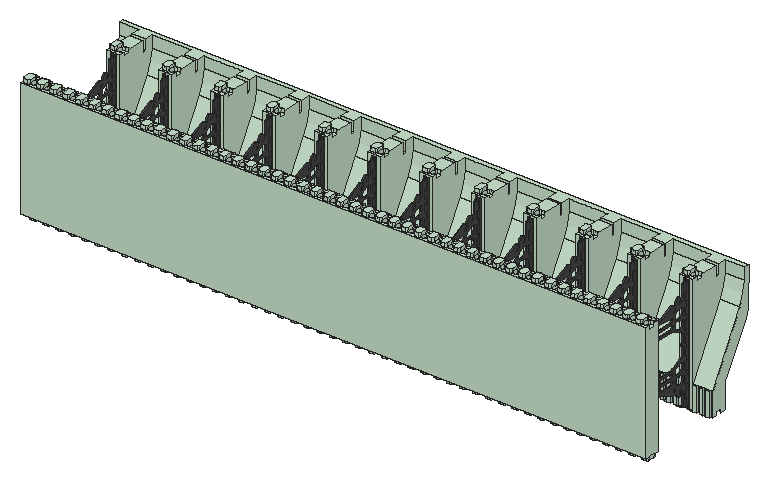
Revit family (continued)
Definition of nested family "NUDURA Diamond Pattern"
  Lines and regions (in)
    model lines
      curve 188: arc (4.29059, -5.625, 6.14142) -> (4.23201, -5.625, 6) -> (4.29059, -5.625, 5.85858) r 0.2
      curve 189: arc (4.29059, -5.625, 7.64142) -> (4.23201, -5.625, 7.5) -> (4.29059, -5.625, 7.35858) r 0.2
      curve 190: arc (4.29059, -5.625, 9.14142) -> (4.23201, -5.625, 9) -> (4.29059, -5.625, 8.85858) r 0.2
      curve 191: arc (4.29059, -5.625, 10.64142) -> (4.23201, -5.625, 10.5) -> (4.29059, -5.625, 10.35858) r 0.2
      curve 192: arc (4.29059, -5.625, 12.14142) -> (4.23201, -5.625, 12) -> (4.29059, -5.625, 11.85858) r 0.2
      curve 193: arc (4.29059, -5.625, 13.64142) -> (4.23201, -5.625, 13.5) -> (4.29059, -5.625, 13.35858) r 0.2
      curve 194: arc (4.29059, -5.625, 15.14142) -> (4.23201, -5.625, 15) -> (4.29059, -5.625, 14.85858) r 0.2
      curve 195: arc (4.29059, -5.625, 16.64142) -> (4.23201, -5.625, 16.5) -> (4.29059, -5.625, 16.35858) r 0.2
Definition of nested family "NUDURA Logo Diamond"
  Reference planes (in)
    plane 1 "Center (Front/Back)": y = 0
    plane 2: z = 0
    plane 3 "Center (Left/Right)": x = 0
  Lines and regions (in)
    model lines
      curve 1: line (12.59848, 0, 17.50104) -> (12.24492, 0, 17.85459)
      curve 2: line (12.36113, 0, 16.76872) -> (12.59848, 0, 17.00607)
      curve 3: line (12.59848, 0, 16.00104) -> (12.36113, 0, 16.23839)
      curve 4: line (12.36113, 0, 15.26872) -> (12.59848, 0, 15.50607)
      curve 5: line (12.59848, 0, 14.50104) -> (12.36113, 0, 14.73839)
      curve 6: line (12.36113, 0, 13.76872) -> (12.59848, 0, 14.00607)
      curve 7: line (12.17421, 0, 13.28388) -> (12.71208, 0, 12.74602)
      curve 8: line (12.71208, 0, 12.74602) -> (12.78279, 0, 12.81673)
      curve 9: line (11.28279, 0, 12.74602) -> (11.82066, 0, 13.28388)
      curve 10: line (11.63374, 0, 13.23839) -> (11.21208, 0, 12.81673)
      curve 11: line (11.3964, 0, 14.00607) -> (11.63374, 0, 13.76872)
      curve 12: line (11.63374, 0, 14.73839) -> (11.3964, 0, 14.50104)
      curve 13: line (11.3964, 0, 15.50607) -> (11.63374, 0, 15.26872)
      curve 14: line (11.63374, 0, 16.23839) -> (11.3964, 0, 16.00104)
      curve 15: line (11.3964, 0, 17.00607) -> (11.63374, 0, 16.76872)
      curve 16: line (11.74995, 0, 17.85459) -> (11.3964, 0, 17.50104)
      curve 17: line (11.82066, 0, 17.78388) -> (11.46711, 0, 17.43033)
      curve 18: line (12.52777, 0, 17.43033) -> (12.17421, 0, 17.78388)
      curve 19: line (12.17421, 0, 16.72322) -> (12.52777, 0, 17.07678)
      curve 20: line (11.46711, 0, 17.07678) -> (11.82066, 0, 16.72322)
      curve 21: arc (11.3964, 0, 17.50104) -> (11.29388, 0, 17.25355) -> (11.3964, 0, 17.00607) r 0.35
      curve 22: arc (11.74995, 0, 17.85459) -> (11.99744, 0, 17.95711) -> (12.24492, 0, 17.85459) r 0.35
      curve 23: arc (11.46711, 0, 17.43033) -> (11.39388, 0, 17.25355) -> (11.46711, 0, 17.07678) r 0.25
      curve 24: arc (12.52777, 0, 17.43033) -> (12.60099, 0, 17.25355) -> (12.52777, 0, 17.07678) r 0.25
      curve 25: arc (12.17421, 0, 16.72322) -> (11.99744, 0, 16.65) -> (11.82066, 0, 16.72322) r 0.25
      curve 26: arc (11.82066, 0, 17.78388) -> (11.99744, 0, 17.85711) -> (12.17421, 0, 17.78388) r 0.25
      curve 27: arc (12.59848, 0, 17.50104) -> (12.70099, 0, 17.25355) -> (12.59848, 0, 17.00607) r 0.35
      curve 28: arc (11.63374, 0, 16.76872) -> (11.74358, 0, 16.50355) -> (11.63374, 0, 16.23839) r 0.375
      curve 29: arc (12.36113, 0, 16.76872) -> (12.2513, 0, 16.50355) -> (12.36113, 0, 16.23839) r 0.375
      curve 30: line (12.36113, 0, 15.26872) -> (12.59848, 0, 15.50607)
      curve 31: line (11.3964, 0, 15.50607) -> (11.63374, 0, 15.26872)
      curve 32: line (11.82066, 0, 16.28388) -> (11.46711, 0, 15.93033)
      curve 33: line (12.52777, 0, 15.93033) -> (12.17421, 0, 16.28388)
      curve 34: line (12.17421, 0, 15.22322) -> (12.52777, 0, 15.57678)
      curve 35: line (11.46711, 0, 15.57678) -> (11.82066, 0, 15.22322)
      curve 36: arc (11.3964, 0, 16.00104) -> (11.29388, 0, 15.75355) -> (11.3964, 0, 15.50607) r 0.35
      curve 37: arc (11.46711, 0, 15.93033) -> (11.39388, 0, 15.75355) -> (11.46711, 0, 15.57678) r 0.25
      curve 38: arc (12.52777, 0, 15.93033) -> (12.60099, 0, 15.75355) -> (12.52777, 0, 15.57678) r 0.25
      curve 39: arc (12.17421, 0, 15.22322) -> (11.99744, 0, 15.15) -> (11.82066, 0, 15.22322) r 0.25
      curve 40: arc (11.82066, 0, 16.28388) -> (11.99744, 0, 16.35711) -> (12.17421, 0, 16.28388) r 0.25
      curve 41: arc (12.59848, 0, 16.00104) -> (12.70099, 0, 15.75355) -> (12.59848, 0, 15.50607) r 0.35
      curve 42: line (11.63374, 0, 16.23839) -> (11.3964, 0, 16.00104)
      curve 43: line (12.59848, 0, 16.00104) -> (12.36113, 0, 16.23839)
      curve 44: arc (11.63374, 0, 15.26872) -> (11.74358, 0, 15.00355) -> (11.63374, 0, 14.73839) r 0.375
      curve 45: arc (12.36113, 0, 15.26872) -> (12.2513, 0, 15.00355) -> (12.36113, 0, 14.73839) r 0.375
      curve 46: line (12.36113, 0, 13.76872) -> (12.59848, 0, 14.00607)
      curve 47: line (11.3964, 0, 14.00607) -> (11.63374, 0, 13.76872)
      curve 48: line (11.82066, 0, 14.78388) -> (11.46711, 0, 14.43033)
      curve 49: line (12.52777, 0, 14.43033) -> (12.17421, 0, 14.78388)
      curve 50: line (12.17421, 0, 13.72322) -> (12.52777, 0, 14.07678)
      curve 51: line (11.46711, 0, 14.07678) -> (11.82066, 0, 13.72322)
      curve 52: arc (11.3964, 0, 14.50104) -> (11.29388, 0, 14.25355) -> (11.3964, 0, 14.00607) r 0.35
      curve 53: arc (11.46711, 0, 14.43033) -> (11.39388, 0, 14.25355) -> (11.46711, 0, 14.07678) r 0.25
      curve 54: arc (12.52777, 0, 14.43033) -> (12.60099, 0, 14.25355) -> (12.52777, 0, 14.07678) r 0.25
      curve 55: arc (12.17421, 0, 13.72322) -> (11.99744, 0, 13.65) -> (11.82066, 0, 13.72322) r 0.25
      curve 56: arc (11.82066, 0, 14.78388) -> (11.99744, 0, 14.85711) -> (12.17421, 0, 14.78388) r 0.25
      curve 57: arc (12.59848, 0, 14.50104) -> (12.70099, 0, 14.25355) -> (12.59848, 0, 14.00607) r 0.35
      curve 58: line (11.63374, 0, 14.73839) -> (11.3964, 0, 14.50104)
      curve 59: arc (11.63374, 0, 13.76872) -> (11.74358, 0, 13.50355) -> (11.63374, 0, 13.23839) r 0.375
      curve 60: arc (12.36113, 0, 13.76872) -> (12.2513, 0, 13.50355) -> (12.36113, 0, 13.23839) r 0.375
      curve 61: line (12.78279, 0, 12.81673) -> (12.36113, 0, 13.23839)
      curve 62: line (11.21208, 0, 12.81673) -> (11.28279, 0, 12.74602)
      curve 63: arc (11.82066, 0, 13.28388) -> (11.99744, 0, 13.35711) -> (12.17421, 0, 13.28388) r 0.25
      curve 64: line (12.59848, 0, 0.50607) -> (12.24492, 0, 0.15251)
      curve 65: line (12.36113, 0, 1.23839) -> (12.59848, 0, 1.00104)
      curve 66: line (12.59848, 0, 2.00607) -> (12.36113, 0, 1.76872)
      curve 67: line (12.36113, 0, 2.73839) -> (12.59848, 0, 2.50104)
      curve 68: line (12.59848, 0, 3.50607) -> (12.36113, 0, 3.26872)
      curve 69: line (12.36113, 0, 4.23839) -> (12.59848, 0, 4.00104)
      curve 70: line (12.17421, 0, 4.72322) -> (12.71208, 0, 5.26109)
      curve 71: line (12.71208, 0, 5.26109) -> (12.78279, 0, 5.19038)
      curve 72: line (11.28279, 0, 5.26109) -> (11.82066, 0, 4.72322)
      curve 73: line (11.63374, 0, 4.76872) -> (11.21208, 0, 5.19038)
      curve 74: line (11.3964, 0, 4.00104) -> (11.63374, 0, 4.23839)
      curve 75: line (11.63374, 0, 3.26872) -> (11.3964, 0, 3.50607)
      curve 76: line (11.3964, 0, 2.50104) -> (11.63374, 0, 2.73839)
      curve 77: line (11.63374, 0, 1.76872) -> (11.3964, 0, 2.00607)
      curve 78: line (11.3964, 0, 1.00104) -> (11.63374, 0, 1.23839)
      curve 79: line (11.74995, 0, 0.15251) -> (11.3964, 0, 0.50607)
      curve 80: line (11.82066, 0, 0.22322) -> (11.46711, 0, 0.57678)
      curve 81: line (12.52777, 0, 0.57678) -> (12.17421, 0, 0.22322)
      curve 82: line (12.17421, 0, 1.28388) -> (12.52777, 0, 0.93033)
      curve 83: line (11.46711, 0, 0.93033) -> (11.82066, 0, 1.28388)
      curve 84: arc (11.3964, 0, 0.50607) -> (11.29388, 0, 0.75355) -> (11.3964, 0, 1.00104) r 0.35
      curve 85: arc (11.74995, 0, 0.15251) -> (11.99744, 0, 0.05) -> (12.24492, 0, 0.15251) r 0.35
      curve 86: arc (11.46711, 0, 0.57678) -> (11.39388, 0, 0.75355) -> (11.46711, 0, 0.93033) r 0.25
      curve 87: arc (12.52777, 0, 0.57678) -> (12.60099, 0, 0.75355) -> (12.52777, 0, 0.93033) r 0.25
      curve 88: arc (12.17421, 0, 1.28388) -> (11.99744, 0, 1.35711) -> (11.82066, 0, 1.28388) r 0.25
      curve 89: arc (11.82066, 0, 0.22322) -> (11.99744, 0, 0.15) -> (12.17421, 0, 0.22322) r 0.25
      curve 90: arc (12.59848, 0, 0.50607) -> (12.70099, 0, 0.75355) -> (12.59848, 0, 1.00104) r 0.35
      curve 91: arc (11.63374, 0, 1.23839) -> (11.74358, 0, 1.50355) -> (11.63374, 0, 1.76872) r 0.375
      curve 92: arc (12.36113, 0, 1.23839) -> (12.2513, 0, 1.50355) -> (12.36113, 0, 1.76872) r 0.375
      curve 93: line (12.36113, 0, 2.73839) -> (12.59848, 0, 2.50104)
      curve 94: line (11.3964, 0, 2.50104) -> (11.63374, 0, 2.73839)
      curve 95: line (11.82066, 0, 1.72322) -> (11.46711, 0, 2.07678)
      curve 96: line (12.52777, 0, 2.07678) -> (12.17421, 0, 1.72322)
      curve 97: line (12.17421, 0, 2.78388) -> (12.52777, 0, 2.43033)
      curve 98: line (11.46711, 0, 2.43033) -> (11.82066, 0, 2.78388)
      curve 99: arc (11.3964, 0, 2.00607) -> (11.29388, 0, 2.25355) -> (11.3964, 0, 2.50104) r 0.35
      curve 100: arc (11.46711, 0, 2.07678) -> (11.39388, 0, 2.25355) -> (11.46711, 0, 2.43033) r 0.25
      curve 101: arc (12.52777, 0, 2.07678) -> (12.60099, 0, 2.25355) -> (12.52777, 0, 2.43033) r 0.25
      curve 102: arc (12.17421, 0, 2.78388) -> (11.99744, 0, 2.85711) -> (11.82066, 0, 2.78388) r 0.25
      curve 103: arc (11.82066, 0, 1.72322) -> (11.99744, 0, 1.65) -> (12.17421, 0, 1.72322) r 0.25
      curve 104: arc (12.59848, 0, 2.00607) -> (12.70099, 0, 2.25355) -> (12.59848, 0, 2.50104) r 0.35
      curve 105: line (11.63374, 0, 1.76872) -> (11.3964, 0, 2.00607)
      curve 106: line (12.59848, 0, 2.00607) -> (12.36113, 0, 1.76872)
      curve 107: arc (11.63374, 0, 2.73839) -> (11.74358, 0, 3.00355) -> (11.63374, 0, 3.26872) r 0.375
      curve 108: arc (12.36113, 0, 2.73839) -> (12.2513, 0, 3.00355) -> (12.36113, 0, 3.26872) r 0.375
      curve 109: line (12.36113, 0, 4.23839) -> (12.59848, 0, 4.00104)
      curve 110: line (11.3964, 0, 4.00104) -> (11.63374, 0, 4.23839)
      curve 111: line (11.82066, 0, 3.22322) -> (11.46711, 0, 3.57678)
      curve 112: line (12.52777, 0, 3.57678) -> (12.17421, 0, 3.22322)
      curve 113: line (12.17421, 0, 4.28388) -> (12.52777, 0, 3.93033)
      curve 114: line (11.46711, 0, 3.93033) -> (11.82066, 0, 4.28388)
      curve 115: arc (11.3964, 0, 3.50607) -> (11.29388, 0, 3.75355) -> (11.3964, 0, 4.00104) r 0.35
      curve 116: arc (11.46711, 0, 3.57678) -> (11.39388, 0, 3.75355) -> (11.46711, 0, 3.93033) r 0.25
      curve 117: arc (12.52777, 0, 3.57678) -> (12.60099, 0, 3.75355) -> (12.52777, 0, 3.93033) r 0.25
      curve 118: arc (12.17421, 0, 4.28388) -> (11.99744, 0, 4.35711) -> (11.82066, 0, 4.28388) r 0.25
      curve 119: arc (11.82066, 0, 3.22322) -> (11.99744, 0, 3.15) -> (12.17421, 0, 3.22322) r 0.25
      curve 120: arc (12.59848, 0, 3.50607) -> (12.70099, 0, 3.75355) -> (12.59848, 0, 4.00104) r 0.35
      curve 121: line (11.63374, 0, 3.26872) -> (11.3964, 0, 3.50607)
      curve 122: arc (11.63374, 0, 4.23839) -> (11.74358, 0, 4.50355) -> (11.63374, 0, 4.76872) r 0.375
      curve 123: arc (12.36113, 0, 4.23839) -> (12.2513, 0, 4.50355) -> (12.36113, 0, 4.76872) r 0.375
      curve 124: line (12.78279, 0, 5.19038) -> (12.36113, 0, 4.76872)
      curve 125: line (11.21208, 0, 5.19038) -> (11.28279, 0, 5.26109)
      curve 126: arc (11.82066, 0, 4.72322) -> (11.99744, 0, 4.65) -> (12.17421, 0, 4.72322) r 0.25
      curve 127: line (12.37244, 0, 12.50355) -> (11.62244, 0, 12.50355)
      curve 128: line (12.74744, 0, 5.87855) -> (12.74744, 0, 12.12855)
      curve 129: line (11.24744, 0, 12.12855) -> (11.24744, 0, 5.87855)
      curve 130: line (11.62244, 0, 5.50355) -> (12.37244, 0, 5.50355)
      curve 131: line (12.47232, 0, 12.00355) -> (12.0393, 0, 12.25355)
      curve 132: line (12.47232, 0, 11.50355) -> (12.47232, 0, 12.00355)
      curve 133: line (12.25581, 0, 11.37855) -> (12.47232, 0, 11.50355)
      curve 134: line (12.02256, 0, 11.51322) -> (12.25581, 0, 11.37855)
      curve 135: line (12.22232, 0, 11.62855) -> (12.02256, 0, 11.51322)
      curve 136: line (11.80605, 0, 12.11888) -> (12.22232, 0, 11.87855)
      curve 137: line (12.22232, 0, 11.87855) -> (12.22232, 0, 11.62855)
      curve 138: line (12.0393, 0, 12.25355) -> (11.80605, 0, 12.11888)
      curve 139: line (11.77256, 0, 11.63822) -> (11.97232, 0, 11.75355)
      curve 140: line (11.97232, 0, 11.75355) -> (11.73906, 0, 11.88822)
      curve 141: line (11.73906, 0, 11.88822) -> (11.52256, 0, 11.76322)
      curve 142: line (11.52256, 0, 11.76322) -> (11.52256, 0, 11.26322)
      curve 143: line (11.77256, 0, 11.38822) -> (11.77256, 0, 11.63822)
      curve 144: line (12.18882, 0, 11.14789) -> (11.77256, 0, 11.38822)
      curve 145: line (11.95557, 0, 11.01322) -> (12.18882, 0, 11.14789)
      curve 146: line (11.52256, 0, 11.26322) -> (11.95557, 0, 11.01322)
      curve 147: line (12.31108, 0, 10.60411) -> (11.68379, 0, 10.74458)
      curve 148: line (11.68379, 0, 10.74458) -> (11.68379, 0, 10.51321)
      curve 149: line (11.68379, 0, 10.51321) -> (12.1295, 0, 10.41405)
      curve 150: line (12.1295, 0, 10.41405) -> (11.68379, 0, 10.27358)
      curve 151: line (11.68379, 0, 10.27358) -> (11.68379, 0, 9.8852)
      curve 152: line (11.68379, 0, 9.8852) -> (12.17077, 0, 9.77615)
      curve 153: line (12.17077, 0, 9.77615) -> (12.17077, 0, 9.74472)
      curve 154: line (12.17077, 0, 9.74472) -> (11.86146, 0, 9.80279)
      curve 155: line (11.68379, 0, 9.65536) -> (11.68379, 0, 9.35864)
      curve 156: line (12.07077, 0, 8.74385) -> (12.07077, 0, 8.99996)
      curve 157: line (12.07077, 0, 8.99996) -> (11.68379, 0, 9.08605)
      curve 158: line (11.68379, 0, 9.08605) -> (11.68379, 0, 8.47809)
      curve 159: line (11.91823, 0, 9.06589) -> (12.31108, 0, 8.97792)
      curve 160: line (11.82444, 0, 8.55476) -> (11.82444, 0, 8.79865)
      curve 161: line (11.82444, 0, 8.79865) -> (12.07077, 0, 8.74385)
      curve 162: line (11.68379, 0, 8.07193) -> (11.68379, 0, 7.77522)
      curve 163: line (11.91823, 0, 7.48247) -> (12.21108, 0, 7.41688)
      curve 164: line (12.21108, 0, 7.41688) -> (12.21108, 0, 6.95405)
      curve 165: line (12.16108, 0, 6.90405) -> (12.12077, 0, 6.90405)
      curve 166: line (12.07077, 0, 6.95405) -> (12.07077, 0, 7.08675)
      curve 167: line (12.07077, 0, 7.08675) -> (12.12077, 0, 7.07556)
      curve 168: line (12.12077, 0, 7.07556) -> (12.12077, 0, 7.33463)
      curve 169: line (12.12077, 0, 7.33463) -> (11.68379, 0, 7.43249)
      curve 170: line (11.68379, 0, 7.43249) -> (11.68379, 0, 7.17341)
      curve 171: line (11.68379, 0, 7.17341) -> (11.97077, 0, 7.10915)
      curve 172: line (11.97077, 0, 7.10915) -> (11.97077, 0, 6.99425)
      curve 173: line (11.92077, 0, 6.94425) -> (11.68379, 0, 6.94425)
      curve 174: line (11.68379, 0, 6.94425) -> (11.68379, 0, 6.45682)
      curve 175: line (11.68379, 0, 6.45682) -> (11.78284, 0, 6.38658)
      curve 176: line (11.78284, 0, 6.38658) -> (11.78284, 0, 6.05178)
      curve 177: line (12.12371, 0, 6.14486) -> (11.88284, 0, 6.31567)
      curve 178: line (11.88284, 0, 6.31567) -> (11.88284, 0, 6.07909)
      curve 179: line (11.88284, 0, 6.07909) -> (12.12371, 0, 6.14486)
      curve 180: line (11.78284, 0, 6.05178) -> (11.68379, 0, 6.02474)
      curve 181: line (11.68379, 0, 6.02474) -> (11.68379, 0, 5.75355)
      curve 182: line (11.68379, 0, 5.75355) -> (12.31108, 0, 5.92483)
      curve 183: line (12.31108, 0, 5.92483) -> (12.31108, 0, 6.28791)
      curve 184: line (12.31108, 0, 6.28791) -> (11.76249, 0, 6.67694)
      curve 185: line (11.76249, 0, 6.67694) -> (11.90321, 0, 6.67694)
      curve 186: line (12.31108, 0, 6.78674) -> (12.31108, 0, 7.63562)
      curve 187: line (12.31108, 0, 7.63562) -> (11.90258, 0, 7.7271)
      curve 188: line (11.82444, 0, 7.82469) -> (11.82444, 0, 7.92839)
      curve 189: line (11.88536, 0, 7.97718) -> (12.31108, 0, 7.88185)
      curve 190: line (12.31108, 0, 7.88185) -> (12.31108, 0, 8.13496)
      curve 191: line (12.31108, 0, 8.13496) -> (12.08042, 0, 8.17826)
      curve 192: line (12.31108, 0, 8.38353) -> (12.31108, 0, 8.9465)
      curve 193: line (12.31108, 0, 8.9465) -> (12.17077, 0, 8.97771)
      curve 194: line (12.17077, 0, 8.97771) -> (12.17077, 0, 8.55476)
      curve 195: line (12.31108, 0, 8.97792) -> (12.31108, 0, 9.21905)
      curve 196: line (12.31108, 0, 9.21905) -> (11.90258, 0, 9.31053)
      curve 197: line (11.82444, 0, 9.40811) -> (11.82444, 0, 9.51182)
      curve 198: line (11.87938, 0, 9.56195) -> (12.31108, 0, 9.46528)
      curve 199: line (12.31108, 0, 9.46528) -> (12.31108, 0, 9.98469)
      curve 200: line (12.31108, 0, 9.98469) -> (11.90664, 0, 10.07526)
      curve 201: line (11.90664, 0, 10.07526) -> (12.31108, 0, 10.20747)
      curve 202: line (12.31108, 0, 10.20747) -> (12.31108, 0, 10.60411)
      curve 203: arc (11.68379, 0, 9.65536) -> (11.73801, 0, 9.7708) -> (11.86146, 0, 9.80279) r 0.15
      curve 204: arc (11.68379, 0, 9.35864) -> (11.74962, 0, 9.17112) -> (11.91823, 0, 9.06589) r 0.3
      curve 205: arc (11.84417, 0, 8.22149) -> (11.72718, 0, 8.32679) -> (11.68379, 0, 8.47809) r 0.28547
      curve 206: arc (11.68379, 0, 8.07193) -> (11.73147, 0, 8.18158) -> (11.84417, 0, 8.22149) r 0.14992
      curve 207: arc (11.68379, 0, 7.77522) -> (11.74962, 0, 7.58769) -> (11.91823, 0, 7.48247) r 0.3
      curve 208: arc (11.82444, 0, 7.82469) -> (11.84638, 0, 7.76218) -> (11.90258, 0, 7.7271) r 0.1
      curve 209: arc (11.82444, 0, 7.92839) -> (11.84318, 0, 7.96742) -> (11.88536, 0, 7.97718) r 0.05
      curve 210: arc (12.12077, 0, 6.90405) -> (12.08541, 0, 6.91869) -> (12.07077, 0, 6.95405) r 0.05
      curve 211: arc (12.16108, 0, 6.90405) -> (12.19644, 0, 6.91869) -> (12.21108, 0, 6.95405) r 0.05
      curve 212: arc (11.97077, 0, 6.99425) -> (11.95612, 0, 6.95889) -> (11.92077, 0, 6.94425) r 0.05
      curve 213: arc (11.90321, 0, 6.67694) -> (11.96756, 0, 6.70069) -> (12.00104, 0, 6.76055) r 0.09904
      curve 214: arc (12.00104, 0, 6.76055) -> (12.1681, 0, 6.63117) -> (12.31108, 0, 6.78674) r 0.15613
      curve 215: arc (12.08042, 0, 8.17826) -> (12.24181, 0, 8.22914) -> (12.31108, 0, 8.38353) r 0.20667
      curve 216: arc (11.82444, 0, 8.55476) -> (11.9976, 0, 8.3816) -> (12.17077, 0, 8.55476) r 0.17317
      curve 217: arc (11.82444, 0, 9.40811) -> (11.84638, 0, 9.34561) -> (11.90258, 0, 9.31053) r 0.1
      curve 218: arc (11.82444, 0, 9.51182) -> (11.8459, 0, 9.55306) -> (11.892, 0, 9.55913) r 0.05034
      curve 219: arc (11.24744, 0, 12.12855) -> (11.35727, 0, 12.39372) -> (11.62244, 0, 12.50355) r 0.375
      curve 220: arc (12.37244, 0, 12.50355) -> (12.6376, 0, 12.39372) -> (12.74744, 0, 12.12855) r 0.375
      curve 221: arc (11.24744, 0, 5.87855) -> (11.35727, 0, 5.61339) -> (11.62244, 0, 5.50355) r 0.375
      curve 222: arc (12.37244, 0, 5.50355) -> (12.6376, 0, 5.61339) -> (12.74744, 0, 5.87855) r 0.375
      curve 223: line (9.99744, 0, 18) -> (9.99744, 0, 0)
      curve 224: line (13.99744, 0, 18) -> (13.99744, 0, 0)
      curve 225: line (15.99744, 0, 18) -> (15.99744, 0, 0)
Definition of nested family "NUDURA Brick Ledge Diamond Pattern"
  Reference planes (in)
    plane 1 "Center (Front/Back)": y = 0
    plane 2: z = 0
    plane 3 "Center (Left/Right)": x = 0
    plane 4: z = 4
  Lines and regions (in)
    model lines
      curve 1: line (8, -5.625, 4) -> (8, -5.625, 0)
      curve 2: line (6, -5.625, 4) -> (6, -5.625, 0)
      curve 3: line (2, -5.625, 4) -> (2, -5.625, 0)
      curve 4: arc (4.634, -5.625, 3.48484) -> (4.74384, -5.625, 3.75) -> (4.634, -5.625, 4.01517) r 0.375
      curve 5: line (4.29059, -5.625, 3.14142) -> (4.634, -5.625, 3.48484)
      curve 6: line (3.35367, -5.625, 3.48484) -> (3.69709, -5.625, 3.14142)
      curve 7: arc (3.35367, -5.625, 4.01517) -> (3.24384, -5.625, 3.75) -> (3.35367, -5.625, 3.48484) r 0.375
      curve 8: arc (4.17062, -5.625, 4.30178) -> (3.99384, -5.625, 4.375) -> (3.81706, -5.625, 4.30178) r 0.25
      curve 9: line (3.81706, -5.625, 4.30178) -> (3.44206, -5.625, 3.92678)
      curve 10: arc (3.44206, -5.625, 3.92678) -> (3.36884, -5.625, 3.75) -> (3.44206, -5.625, 3.57322) r 0.25
      curve 11: line (3.44206, -5.625, 3.57322) -> (3.81706, -5.625, 3.19822)
      curve 12: arc (3.81706, -5.625, 3.19822) -> (3.99384, -5.625, 3.125) -> (4.17062, -5.625, 3.19822) r 0.25
      curve 13: line (4.17062, -5.625, 3.19822) -> (4.54562, -5.625, 3.57322)
      curve 14: arc (4.54562, -5.625, 3.57322) -> (4.61884, -5.625, 3.75) -> (4.54562, -5.625, 3.92678) r 0.25
      curve 15: line (4.54562, -5.625, 3.92678) -> (4.17062, -5.625, 4.30178)
      curve 16: arc (3.69709, -5.625, 2.85858) -> (3.75567, -5.625, 3) -> (3.69709, -5.625, 3.14142) r 0.2
      curve 17: line (4.634, -5.625, 2.51517) -> (4.29059, -5.625, 2.85858)
      curve 18: arc (4.634, -5.625, 1.98484) -> (4.74384, -5.625, 2.25) -> (4.634, -5.625, 2.51517) r 0.375
      curve 19: line (4.29059, -5.625, 1.64142) -> (4.634, -5.625, 1.98484)
      curve 20: line (3.35367, -5.625, 1.98484) -> (3.69709, -5.625, 1.64142)
      curve 21: arc (3.35367, -5.625, 2.51517) -> (3.24384, -5.625, 2.25) -> (3.35367, -5.625, 1.98484) r 0.375
      curve 22: line (3.69709, -5.625, 2.85858) -> (3.35367, -5.625, 2.51517)
      curve 23: arc (4.17062, -5.625, 2.80178) -> (3.99384, -5.625, 2.875) -> (3.81706, -5.625, 2.80178) r 0.25
      curve 24: line (3.81706, -5.625, 2.80178) -> (3.44206, -5.625, 2.42678)
      curve 25: arc (3.44206, -5.625, 2.42678) -> (3.36884, -5.625, 2.25) -> (3.44206, -5.625, 2.07322) r 0.25
      curve 26: line (3.44206, -5.625, 2.07322) -> (3.81706, -5.625, 1.69822)
      curve 27: arc (3.81706, -5.625, 1.69822) -> (3.99384, -5.625, 1.625) -> (4.17062, -5.625, 1.69822) r 0.25
      curve 28: line (4.17062, -5.625, 1.69822) -> (4.54562, -5.625, 2.07322)
      curve 29: arc (4.54562, -5.625, 2.07322) -> (4.61884, -5.625, 2.25) -> (4.54562, -5.625, 2.42678) r 0.25
      curve 30: line (4.54562, -5.625, 2.42678) -> (4.17062, -5.625, 2.80178)
      curve 31: arc (3.69709, -5.625, 1.35858) -> (3.75567, -5.625, 1.5) -> (3.69709, -5.625, 1.64142) r 0.2
      curve 32: line (3.69709, -5.625, 1.35858) -> (3.35367, -5.625, 1.01517)
      curve 33: arc (3.35367, -5.625, 1.01517) -> (3.24384, -5.625, 0.75) -> (3.35367, -5.625, 0.48484) r 0.375
      curve 34: line (3.35367, -5.625, 0.48484) -> (3.72867, -5.625, 0.10984)
      curve 35: arc (3.72867, -5.625, 0.10984) -> (3.99384, -5.625, 0) -> (4.259, -5.625, 0.10984) r 0.375
      curve 36: line (4.259, -5.625, 0.10984) -> (4.634, -5.625, 0.48484)
      curve 37: arc (4.634, -5.625, 0.48484) -> (4.74384, -5.625, 0.75) -> (4.634, -5.625, 1.01517) r 0.375
      curve 38: line (4.634, -5.625, 1.01517) -> (4.29059, -5.625, 1.35858)
      curve 39: arc (4.29059, -5.625, 1.64142) -> (4.23201, -5.625, 1.5) -> (4.29059, -5.625, 1.35858) r 0.2
      curve 40: arc (4.17062, -5.625, 1.30178) -> (3.99384, -5.625, 1.375) -> (3.81706, -5.625, 1.30178) r 0.25
      curve 41: line (4.54562, -5.625, 0.92678) -> (4.17062, -5.625, 1.30178)
      curve 42: arc (4.54562, -5.625, 0.57322) -> (4.61884, -5.625, 0.75) -> (4.54562, -5.625, 0.92678) r 0.25
      curve 43: line (4.17062, -5.625, 0.19822) -> (4.54562, -5.625, 0.57322)
      curve 44: arc (3.81706, -5.625, 0.19822) -> (3.99384, -5.625, 0.125) -> (4.17062, -5.625, 0.19822) r 0.25
      curve 45: line (3.44206, -5.625, 0.57322) -> (3.81706, -5.625, 0.19822)
      curve 46: arc (3.44206, -5.625, 0.92678) -> (3.36884, -5.625, 0.75) -> (3.44206, -5.625, 0.57322) r 0.25
      curve 47: line (3.81706, -5.625, 1.30178) -> (3.44206, -5.625, 0.92678)
      curve 48: arc (4.29059, -5.625, 3.14142) -> (4.23201, -5.625, 3) -> (4.29059, -5.625, 2.85858) r 0.2
      curve 49: line (3.72867, -5.625, 4.39017) -> (3.35367, -5.625, 4.01517)
      curve 50: arc (4.259, -5.625, 4.39017) -> (3.99384, -5.625, 4.5) -> (3.72867, -5.625, 4.39017) r 0.375
      curve 51: line (4.634, -5.625, 4.01517) -> (4.259, -5.625, 4.39017)
